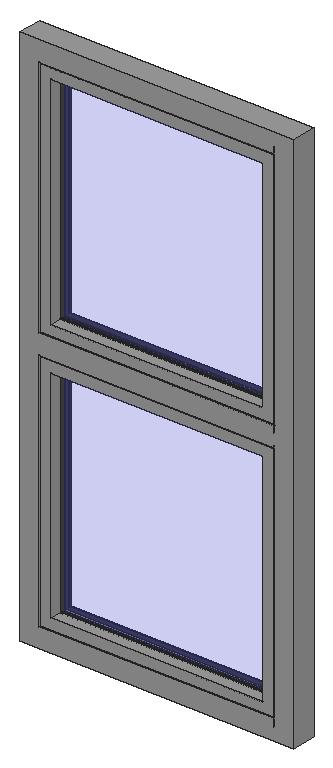
Revit family "SS_3250_LAP OP006_v02", category Windows, host Wall, Revit 2015
Parameters
  Wall Thickness [instance] = 0' - 6"
  URL = "obe.com"
  Transom Height = 3' - 0"
  Rough Width = Width + 0' 0 1/2"  # 3' - 0 1/2"
  Rough Height = Height + 0' 0 1/2"  # 6' - 0 1/2"
  Offset Limitation [instance] = if((Offset + 0' 3 1/4") > Wall Thickness, (Wall Thickness - 0' 3 1/4"), Offset)  # 0' - 2 3/4"
  Offset [instance] = 1' - 0"
  Model = "SS_3250_LAP OP006"
  Manufacturer = "Oldcastle BuildingEnvelope®"
  Keynote = "08 51 00"
  Height = Operable Height + Transom Height  # 6' - 0"
  Glass Material = Glass
  Gasket Material = Gasket
  Frame Material = Aluminum
  Operable Height = 3' - 0"
  Description = "SIGNITURE SERIES 3.25 LAP"
  Default Sill Height = 3' - 0"
  Wall Closure = By host
  Width = 3' - 0"
  Assembly Code = "B2020"
Reference planes (in)
  plane 1 "Center (Front/Back)": y = 0
  plane 2: z = 0
  plane 3 "Center (Left/Right)": x = 0
  plane 4 "Left": x = -18.25
  plane 5 "Right": x = 18.25
  plane 6 "Sill": z = 36
  plane 7 "Top": z = 108.5
  plane 8 "Offset": y = 0.25
  plane 9: x = 18
  plane 10: z = 108.25
  plane 11: x = -18
  plane 12: z = 36.25
  plane 13 "Center": z = 72.25
  plane 14: z = 70.00052
  plane 15: z = 39.49948
  plane 16: z = 74.49948
  plane 17: z = 105.00052
  plane 18 "EXT": y = -0.05731
Forms (in)
  Sweep 1, solid, material "Aluminum" <- "Frame Material"
    path origin (0, 0.25, 0) x (1, 0, 0) y (0, 0, 1)
      loop
        line (18.25, 36.25) -> (-18.25, 36.25)
    profile origin (0, 0.25, 36.25) x (0, 0, -1) y (0, -1, 0)
      loop
        line (0.25, 3.25) -> (-2.3125, 3.25) -> (-2.3125, 3.17) -> (-1.36814, 3.17) -> (-1.36814, 0) -> (0.25, 0) -> (0.25, 3.25)
  Sweep 2, solid, material "Aluminum" <- "Frame Material"
    path origin (0, 0.25, 0) x (1, 0, 0) y (0, 0, 1)
      loop
        line (18.25, 108.25) -> (-18.25, 108.25)
    profile origin (0, 0.25, 108.25) x (0, 0, -1) y (0, -1, 0)
      loop
        line (-0.25, 0) -> (1.36764, 0) -> (1.36764, 3.17056) -> (2.31385, 3.17056) -> (2.31385, 3.24905) -> (-0.25, 3.24905) -> (-0.25, 0)
  Sweep 3, solid, material "Aluminum" <- "Frame Material"
    path origin (0, 0.25, 0) x (1, 0, 0) y (0, 0, 1)
      loop
        line (18.25, 72.25) -> (-18.25, 72.25)
    profile origin (0, 0.25, 72.25) x (0, 0, -1) y (0, -1, 0)
      loop
        line (-1.31245, 3.24908) -> (-1.31245, 3.17006) -> (-0.37513, 3.17006) -> (-0.37513, 0) -> (0.3747, 0) -> (0.3747, 3.17072) -> (1.31138, 3.17072) -> (1.31138, 3.24908) -> (-1.31245, 3.24908)
  Sweep 4, solid, material "Aluminum" <- "Frame Material"
    path origin (0, 0.25, 0) x (1, 0, 0) y (0, 0, 1)
      loop
        line (18, 108.5) -> (18, 36)
    profile origin (18, 0.25, 72.25) x (0, -1, 0) y (1, 0, 0)
      loop
        line (0, -1.36814) -> (3.17, -1.36814) -> (3.17, -2.3125) -> (3.25, -2.3125) -> (3.25, 0.25) -> (0, 0.25) -> (0, -1.36814)
  Sweep 5, solid, material "Aluminum" <- "Frame Material"
    path origin (0, 0.25, 0) x (1, 0, 0) y (0, 0, 1)
      loop
        line (-18, 36) -> (-18, 108.5)
    profile origin (-18, 0.25, 72.25) x (-1, 0, 0) y (0, -1, 0)
      loop
        line (0.25, 3.25) -> (-2.3125, 3.25) -> (-2.3125, 3.17) -> (-1.36814, 3.17) -> (-1.36814, 0) -> (0.25, 0) -> (0.25, 3.25)
  Sweep 6, solid, material "Gasket" <- "Gasket Material", detail levels fine
    path origin (0, 0.25, 0) x (1, 0, 0) y (0, 0, 1)
      loop
        line (15.00052, 70.25052) -> (-15.00052, 70.25052) -> (-15.00052, 39.24948) -> (15.00052, 39.24948) -> (15.00052, 70.25052)
    profile origin (0, 0.25, 70.25052) x (0, 0, -1) y (0, -1, 0)
      loop
        line (1.02922, 0.30728) -> (0.53408, 0.30728) -> (0.53408, 0.18231) -> (0.88901, 0.18231) -> (0.88901, 0.03319) -> (0.92626, 0.04456) -> (1.02922, 0.30728)
      loop
        line (0.54293, 1.30731) -> (1.00001, 1.30731) -> (0.92004, 1.56753)
        arc (0.92004, 1.56753) -> (0.90168, 1.58602) -> (0.87604, 1.58137) r 0.028
        line (0.87604, 1.58137) -> (0.88715, 1.50731) -> (0.71381, 1.50731) -> (0.64294, 1.41979) -> (0.55251, 1.34656)
        arc (0.55251, 1.34656) -> (0.5411, 1.32855) -> (0.54293, 1.30731) r 0.03334
  Sweep 7, solid, material "Gasket" <- "Gasket Material", detail levels fine
    path origin (0, 0.25, 23) x (1, 0, 0) y (0, 0, 1)
      loop
        line (15.00052, 82.25052) -> (-15.00052, 82.25052) -> (-15.00052, 51.24948) -> (15.00052, 51.24948) -> (15.00052, 82.25052)
    profile origin (0, 0.25, 105.25052) x (0, 0, -1) y (0, -1, 0)
      loop
        line (1.02922, 0.30728) -> (0.53408, 0.30728) -> (0.53408, 0.18231) -> (0.88901, 0.18231) -> (0.88901, 0.03319) -> (0.92626, 0.04456) -> (1.02922, 0.30728)
      loop
        line (0.54293, 1.30731) -> (1.00001, 1.30731) -> (0.92004, 1.56753)
        arc (0.92004, 1.56753) -> (0.90168, 1.58602) -> (0.87604, 1.58137) r 0.028
        line (0.87604, 1.58137) -> (0.88715, 1.50731) -> (0.71381, 1.50731) -> (0.64294, 1.41979) -> (0.55251, 1.34656)
        arc (0.55251, 1.34656) -> (0.5411, 1.32855) -> (0.54293, 1.30731) r 0.03334
  Extrusion 8, solid, material "Glass" <- "Glass Material"
    sketch origin (0, 0, 36) x (0, -1, 0) y (1, 0, 0)
      loop
        line (0.05731, -14.75052) -> (1.05731, -14.75052) -> (1.05731, 14.75052) -> (0.05731, 14.75052) -> (0.05731, -14.75052)
    from 3.49948 to 34.00052
  Extrusion 9, solid, material "Glass" <- "Glass Material"
    sketch origin (0, 0, 56.5) x (0, -1, 0) y (1, 0, 0)
      loop
        line (0.05731, -14.75052) -> (1.05731, -14.75052) -> (1.05731, 14.75052) -> (0.05731, 14.75052) -> (0.05731, -14.75052)
    from 17.99948 to 48.50052
  Sweep 10, solid, material "Aluminum" <- "Frame Material"
    path origin (0, 0.25, 0) x (1, 0, 0) y (0, 0, 1)
      loop
        line (18, 37.38394) -> (18, 71.23228)
    profile origin (18, 0.25, 54.30811) x (-1, 0, 0) y (0, -1, 0)
      loop
        line (2.99948, -0.32169) -> (2.99948, 0.00831) -> (3.87448, 0.00831) -> (3.87448, 0.18231) -> (3.24948, 0.18231) -> (3.24948, 1.50731) -> (3.87448, 1.50731) -> (3.87448, 3.25) -> (2.49948, 3.25) -> (2.49948, 3.09) -> (2.01977, 3.09) -> (2.01977, 0) -> (1.13394, 0) -> (1.13394, -0.32169) -> (2.99948, -0.32169)
  Sweep 11, solid, material "Aluminum" <- "Frame Material"
    path origin (0, 0.25, 0) x (1, 0, 0) y (0, 0, 1)
      loop
        line (-18, 71.23228) -> (-18, 37.38394)
    profile origin (-18, 0.25, 54.30811) x (0, -1, 0) y (1, 0, 0)
      loop
        line (0.00831, 3.87448) -> (0.00831, 2.99948) -> (-0.32169, 2.99948) -> (-0.32169, 1.13394) -> (0, 1.13394) -> (0, 2.01977) -> (3.09, 2.01977) -> (3.09, 2.49948) -> (3.25, 2.49948) -> (3.25, 3.87448) -> (1.50731, 3.87448) -> (1.50731, 3.24948) -> (0.18231, 3.24948) -> (0.18231, 3.87448) -> (0.00831, 3.87448)
  Sweep 12, solid, material "Aluminum" <- "Frame Material"
    path origin (0, 0.25, 0) x (1, 0, 0) y (0, 0, 1)
      loop
        line (16.86606, 36.25) -> (-16.86606, 36.25)
    profile origin (0, 0.25, 36.25) x (0, 0, -1) y (0, -1, 0)
      loop
        line (-3.87448, 3.25) -> (-3.87448, 1.50731) -> (-3.24948, 1.50731) -> (-3.24948, 0.18231) -> (-3.87448, 0.18231) -> (-3.87448, 0.00831) -> (-2.99948, 0.00831) -> (-2.99948, -0.32169) -> (-1.13394, -0.32169) -> (-1.13394, 0) -> (-2.01977, 0) -> (-2.01977, 3.09) -> (-2.49948, 3.09) -> (-2.49948, 3.25) -> (-3.87448, 3.25)
  Sweep 13, solid, material "Aluminum" <- "Frame Material"
    path origin (0, 0.25, 0) x (1, 0, 0) y (0, 0, 1)
      loop
        line (16.86606, 72.25) -> (-16.86606, 72.25)
    profile origin (0, 0.25, 72.25) x (0, 0, -1) y (0, -1, 0)
      loop
        line (2.24948, 0.18231) -> (2.24948, 1.50731) -> (2.87448, 1.50731) -> (2.87448, 3.24908) -> (1.50194, 3.24908) -> (1.50194, 3.08991) -> (1.01772, 3.08991) -> (1.01772, 0) -> (0.13396, 0) -> (0.13396, -0.32166) -> (1.99948, -0.32166) -> (1.99948, 0.00834) -> (2.87448, 0.00834) -> (2.87448, 0.18231) -> (2.24948, 0.18231)
  Sweep 14, solid, material "Aluminum" <- "Frame Material"
    path origin (0, 0.25, 0) x (1, 0, 0) y (0, 0, 1)
      loop
        line (18, 107.11606) -> (18, 72.38396)
    profile origin (18, 0.25, 89.75001) x (0, -1, 0) y (1, 0, 0)
      loop
        line (3.25, -3.87448) -> (3.25, -2.49948) -> (3.09119, -2.49948) -> (3.09119, -2.01977) -> (0, -2.01977) -> (0, -1.13394) -> (-0.32169, -1.13394) -> (-0.32169, -2.99948) -> (0.00831, -2.99948) -> (0.00831, -3.87448) -> (0.18231, -3.87448) -> (0.18231, -3.24948) -> (1.50731, -3.24948) -> (1.50731, -3.87448) -> (3.25, -3.87448)
  Sweep 15, solid, material "Aluminum" <- "Frame Material"
    path origin (0, 0.25, 0) x (1, 0, 0) y (0, 0, 1)
      loop
        line (16.86606, 108.25) -> (-16.86606, 108.25)
    profile origin (0, 0.25, 108.25) x (0, 0, -1) y (0, -1, 0)
      loop
        line (1.13394, -0.32169) -> (2.99948, -0.32169) -> (2.99948, 0.00831) -> (3.87448, 0.00831) -> (3.87448, 0.18231) -> (3.24948, 0.18231) -> (3.24948, 1.50731) -> (3.87448, 1.50731) -> (3.87448, 3.24905) -> (2.49803, 3.24905) -> (2.49803, 3.09119) -> (2.01972, 3.09119) -> (2.01972, 0) -> (1.13394, 0) -> (1.13394, -0.32169)
  Sweep 16, solid, material "Aluminum" <- "Frame Material"
    path origin (0, 0.25, 0) x (1, 0, 0) y (0, 0, 1)
      loop
        line (16.86606, 72.25) -> (-16.86606, 72.25)
    profile origin (0, 0.25, 72.25) x (0, 0, -1) y (0, -1, 0)
      loop
        line (-2.87448, 1.50731) -> (-2.24948, 1.50731) -> (-2.24948, 0.18231) -> (-2.87448, 0.18231) -> (-2.87448, 0.00834) -> (-1.99948, 0.00834) -> (-1.99948, -0.32166) -> (-0.13396, -0.32166) -> (-0.13396, 0) -> (-1.0191, 0) -> (-1.0191, 3.09285) -> (-1.50122, 3.09285) -> (-1.50122, 3.24908) -> (-2.87448, 3.24908) -> (-2.87448, 1.50731)
  Sweep 17, void
    path origin (0, 0.25, 0) x (1, 0, 0) y (0, 0, 1)
      loop
        line (-15.50052, 108.25) -> (15.50052, 108.25)
    profile origin (0, 0.25, 108.25) x (0, 0, 1) y (0, -1, 0)
      loop
        line (-2.31212, 3.25) -> (-2.49803, 3.25) -> (-2.49803, 3.09119) -> (-2.31212, 3.09119) -> (-2.31212, 3.25)
  Sweep 18, void
    path origin (0, 0.25, 0) x (1, 0, 0) y (0, 0, 1)
      loop
        line (-15.68811, 72.25) -> (15.68825, 72.25)
    profile origin (0.00007, 0.25, 72.25) x (0, 0, 1) y (0, -1, 0)
      loop
        line (-1.50194, 3.25) -> (-1.50194, 3.08991) -> (-1.31348, 3.08991) -> (-1.31348, 3.25) -> (-1.50194, 3.25)
  Sweep 19, void
    path origin (0, 0.25, 0) x (1, 0, 0) y (0, 0, 1)
      loop
        line (-15.50052, 36.25) -> (15.50051, 36.25)
    profile origin (0, 0.25, 36.25) x (0, 0, 1) y (0, -1, 0)
      loop
        line (2.3125, 3.25) -> (2.3125, 3.09017) -> (2.49874, 3.09017) -> (2.49874, 3.25) -> (2.3125, 3.25)
  Sweep 20, void
    path origin (0, 0.25, 0) x (1, 0, 0) y (0, 0, 1)
      loop
        line (18.48047, 38.74874) -> (18.48047, 70.74806)
    profile origin (18.48047, 0.25, 54.7484) x (-1, 0, 0) y (0, -1, 0)
      loop
        line (2.79221, 3.25) -> (2.79221, 3.08894) -> (2.97995, 3.08894) -> (2.97995, 3.25) -> (2.79221, 3.25)
  Sweep 21, solid, material "Aluminum" <- "Frame Material"
    path origin (0, 0.25, 0) x (1, 0, 0) y (0, 0, 1)
      loop
        line (-18, 107.11606) -> (-18, 72.38396)
    profile origin (-18, 0.25, 89.75001) x (0, -1, 0) y (1, 0, 0)
      loop
        line (-0.32169, 1.13394) -> (0, 1.13394) -> (0, 1.8426) -> (3.09067, 1.8426) -> (3.09067, 2.49948) -> (3.25, 2.49948) -> (3.25, 3.87448) -> (1.50731, 3.87448) -> (1.50731, 3.24948) -> (0.18231, 3.24948) -> (0.18231, 3.87448) -> (0.00831, 3.87448) -> (0.00831, 2.99948) -> (-0.32169, 2.99948) -> (-0.32169, 1.13394)
  Sweep 22, void
    path origin (0, 0.25, 0) x (1, 0, 0) y (0, 0, 1)
      loop
        line (-18.48828, 38.5625) -> (-18.48828, 70.74806)
    profile origin (-18.48828, 0.25, 54.65528) x (-1, 0, 0) y (0, -1, 0)
      loop
        line (-2.80018, 3.25) -> (-2.98776, 3.25) -> (-2.98776, 3.09164) -> (-2.80018, 3.09164) -> (-2.80018, 3.25)
  Sweep 23, void
    path origin (0, 0.25, 0) x (1, 0, 0) y (0, 0, 1)
      loop
        line (-15.50052, 72.25) -> (15.50052, 72.25)
    profile origin (0, 0.25, 72.25) x (0, 0, 1) y (0, -1, 0)
      loop
        line (1.50122, 3.24908) -> (1.31363, 3.24908) -> (1.31363, 3.09285) -> (1.50122, 3.09285) -> (1.50122, 3.24908)
  Sweep 24, void
    path origin (0, 0.25, 0) x (1, 0, 0) y (0, 0, 1)
      loop
        line (18, 73.56363) -> (18, 105.93788)
    profile origin (18, 0.25, 89.75075) x (-1, 0, 0) y (0, -1, 0)
      loop
        line (2.49948, 3.25) -> (2.3125, 3.25) -> (2.3125, 3.09) -> (2.49948, 3.09) -> (2.49948, 3.25)
  Sweep 25, void
    path origin (0, 0.25, 0) x (1, 0, 0) y (0, 0, 1)
      loop
        line (-18.25, 105.75197) -> (-18.25, 104.37552)
    profile origin (-18.25, 0.25, 105.06375) x (0, -1, 0) y (1, 0, 0)
      loop
        line (3.25, 2.5625) -> (3.25, 2.74948) -> (3.09, 2.74948) -> (3.09, 2.5625) -> (3.25, 2.5625)
  Sweep 26, void
    path origin (0, 0.25, 0) x (1, 0, 0) y (0, 0, 1)
      loop
        line (18.25, 73.75122) -> (18.25, 75.12448)
    profile origin (18.25, 0.25, 74.43785) x (-1, 0, 0) y (0, -1, 0)
      loop
        line (2.56175, 3.25) -> (2.56175, 3.09) -> (2.74948, 3.09) -> (2.74948, 3.25) -> (2.56175, 3.25)
  Sweep 27, void
    path origin (0, 0.25, 0) x (1, 0, 0) y (0, 0, 1)
      loop
        line (-18.25, 75.12448) -> (-18.25, 73.75122)
    profile origin (-18.25, 0.25, 74.43785) x (0, -1, 0) y (1, 0, 0)
      loop
        line (3.25, 2.5625) -> (3.25, 2.74948) -> (3.09, 2.74948) -> (3.09, 2.5625) -> (3.25, 2.5625)
Cuts and joins
  Sweep 23, Sweep 25, Sweep 26, Sweep 27 cuts Sweep 1
  Sweep 23, Sweep 25, Sweep 26, Sweep 27 cuts Sweep 2
  Sweep 23, Sweep 25, Sweep 26, Sweep 27 cuts Sweep 3
  Sweep 23, Sweep 25, Sweep 26, Sweep 27 cuts Sweep 4
  Sweep 23, Sweep 25, Sweep 26, Sweep 27 cuts Sweep 5
  Sweep 18, Sweep 19, Sweep 20, Sweep 23, Sweep 25, Sweep 26, Sweep 27 cuts Sweep 10
  Sweep 18, Sweep 19, Sweep 23, Sweep 25, Sweep 26, Sweep 27 cuts Sweep 11
  Sweep 20, Sweep 22, Sweep 23, Sweep 25, Sweep 26, Sweep 27 cuts Sweep 12
  Sweep 18, Sweep 20, Sweep 22, Sweep 23, Sweep 25, Sweep 26, Sweep 27 cuts Sweep 13
  Sweep 17, Sweep 23, Sweep 25, Sweep 26, Sweep 27 cuts Sweep 14
  Sweep 24, Sweep 25, Sweep 26, Sweep 27 cuts Sweep 15
  Sweep 25, Sweep 26, Sweep 27 cuts Sweep 16
  Sweep 17, Sweep 23, Sweep 25, Sweep 26, Sweep 27 cuts Sweep 21
  joined: Sweep 1, Sweep 2, Sweep 3, Sweep 4, Sweep 5, Sweep 10, Sweep 11, Sweep 12, Sweep 13, Sweep 14, Sweep 15, Sweep 16, Sweep 21
Lines and regions (in)
  Opening 1
    outline origin (-60, -3, 0) x (1, 0, 0) y (0, 0, 1)
      loop
        line (41.75, 108.5) -> (41.75, 36) -> (78.25, 36) -> (78.25, 108.5) -> (41.75, 108.5)
  model lines, style "WindowsHiddenLines"
    curve 1: line (14.12552, -0.05731, 40.12448) -> (0, -0.05731, 69.37552)
    curve 2: line (-14.12552, -0.05731, 40.12448) -> (0, -0.05731, 69.37552)
    curve 3: line (-14.12552, -0.05731, 75.12448) -> (0, -0.05731, 104.37552)
    curve 4: line (14.12552, -0.05731, 75.12448) -> (0, -0.05731, 104.37552)
Text (in)
  text "EXTERIOR" at (-58.6888, 50.90694, 0), in view "Ref. Level"
  text "INTERIOR" at (-58.6888, -37.76638, 0), in view "Ref. Level"
  text "Exterior" at (0, 43.65631, 123.19604), in view "Left"
  text "Exterior" at (0, 18.29385, 125.04747), in view "Right"
  text "Min Operable Size\n\n14\" width x 18\" height\n\n\n\nMax Operable Size\n\n72\" x 72\"\n\n\n\nMax Operable Area\n\n24 square feet" at (93.06462, 65.83106, 0), in view "Ref. Level"
Dimensions and locks (in)
  equal spacing: plane 4 "Left", plane 3 "Center (Left/Right)", plane 5 "Right"
  "Rough Width": plane 4 "Left" to plane 5 "Right"
  "Default Sill Height": plane 2 to plane 6 "Sill"
  "Offset Limitation": plane 8 "Offset" to host wall
  "Wall Thickness": host wall to host wall
  locked: plane 9 to plane 5 "Right" at 0.25
  locked: plane 6 "Sill" to plane 12 at 0.25
  "Operable Height": plane 12 to plane 13 "Center"
  "Transom Height": plane 13 "Center" to plane 10
  "Rough Height": plane 6 "Sill" to plane 7 "Top"
  "Width": plane 11 to plane 9
  Extrusion 8 sketch curve to Extrusion 8 sketch curve to plane 8 "Offset" = 0' - 1" locked, 0' - 0.30731" locked
  locked: plane 12 to plane 15 at 3.24948
  locked: plane 13 "Center" to plane 14 at 2.24948
  locked: plane 17 to plane 10 at 3.24948
  locked: plane 16 to plane 13 "Center" at 2.24948
  locked: plane 11 to Sweep 12 sketch curve at 1.13394
  locked: Sweep 12 sketch curve to plane 9 at 1.13394
  locked: plane 11 to Sweep 13 sketch curve at 1.13394
  locked: Sweep 13 sketch curve to plane 9 at 1.13394
  locked: plane 12 to Sweep 11 sketch curve at 1.13394
  locked: Sweep 11 sketch curve to plane 13 "Center" at 1.01772
  locked: Sweep 15 sketch curve to plane 9 at 1.13394
  locked: plane 11 to Sweep 15 sketch curve at 1.13394
  locked: Sweep 16 sketch curve to plane 9 at 1.13394
  plane 11 to Sweep 16 sketch curve = 0' - 1.13394"
  locked: Sweep 14 sketch curve to plane 10 at 1.13394
  locked: plane 13 "Center" to Sweep 14 sketch curve at 0.13396
  locked: Sweep 10 sketch curve to plane 13 "Center" at 1.01772
  locked: plane 12 to Sweep 10 sketch curve at 1.13394
  locked: plane 18 "EXT" to plane 8 "Offset" at 0.30731
  locked: plane 13 "Center" to Sweep 21 sketch curve at 0.13396
  locked: Sweep 21 sketch curve to plane 10 at 1.13394
  locked: plane 11 to Sweep 18 sketch curve at 2.31189
  locked: Sweep 18 sketch curve to plane 9 at 2.31175
  locked: Sweep 20 sketch curve to plane 12 at 2.49874
  locked: plane 11 to Sweep 19 sketch curve at 2.49948
  locked: Sweep 19 sketch curve to plane 9 at 2.49949
  locked: Sweep 17 sketch curve to plane 9 at 2.49948
  locked: plane 11 to Sweep 17 sketch curve at 2.49948
  Sweep 25 sketch curve to Sweep 25 sketch curve to plane 7 "Top" = 0' - 1.37646" locked, 0' - 2.74803" locked
  Sweep 26 sketch curve to Sweep 26 sketch curve to plane 13 "Center" = 0' - 1.37327" locked, 0' - 1.50122" locked
  Sweep 27 sketch curve to Sweep 27 sketch curve to plane 13 "Center" = 0' - 1.37327" locked, 0' - 1.50122" locked
  Extrusion 9 sketch curve to Extrusion 9 sketch curve to plane 8 "Offset" = 0' - 1" locked, 0' - 0.30731" locked
  aligned and locked: plane 7 "Top" to Opening 1 sketch curve
  aligned and locked: plane 6 "Sill" to Opening 1 sketch curve  (x2)
  aligned and locked: plane 5 "Right" to Opening 1 sketch curve
  aligned and locked: plane 4 "Left" to Opening 1 sketch curve
  aligned and locked: level to plane 2
  aligned and locked: plane 4 "Left" to Sweep 1 sketch curve
  aligned and locked: plane 5 "Right" to Sweep 1 sketch curve
  aligned and locked: plane 4 "Left" to Sweep 2 sketch curve
  aligned and locked: plane 5 "Right" to Sweep 2 sketch curve
  aligned and locked: plane 4 "Left" to Sweep 3 sketch curve
  aligned and locked: plane 5 "Right" to Sweep 3 sketch curve
  aligned and locked: plane 7 "Top" to Sweep 4 sketch curve
  aligned and locked: plane 6 "Sill" to Sweep 4 sketch curve
  aligned and locked: plane 7 "Top" to Sweep 5 sketch curve
  aligned and locked: plane 6 "Sill" to Sweep 5 sketch curve
  aligned and locked: Extrusion 8 to plane 15
  aligned and locked: plane 14 to Extrusion 8
  aligned and locked: plane 17 to Extrusion 9
  aligned and locked: Extrusion 9 to plane 16
  aligned and locked: plane 11 to Sweep 5 sketch curve
  aligned and locked: plane 12 to Sweep 12 sketch curve
  aligned and locked: plane 13 "Center" to Sweep 13 sketch curve
  aligned and locked: Sweep 14 sketch curve to plane 9
  aligned and locked: plane 10 to Sweep 15 sketch curve
  aligned and locked: plane 13 "Center" to Sweep 16 sketch curve
  aligned and locked: plane 3 "Center (Left/Right)" to curve 1
  aligned and locked: plane 3 "Center (Left/Right)" to curve 4
  aligned and locked: Sweep 21 sketch curve to plane 11
  aligned and locked: plane 4 "Left" to Sweep 25 sketch curve
  aligned and locked: Sweep 26 sketch curve to plane 5 "Right"
  aligned and locked: plane 4 "Left" to Sweep 27 sketch curve
Automatic sketch dimensions
  Sweep 1 sketch curve to plane 8 "Offset" = 0' - 0"
  profile plane to Sweep 1 sketch curve = 0' - 2 5/16"
  profile plane to Sweep 1 sketch curve = 0' - 1.36814"
  Sweep 1 sketch curve to profile plane = 0' - 0 1/4"
  Sweep 1 sketch curve to Sweep 1 sketch curve = 0' - 3.17"
  Sweep 1 sketch curve to Sweep 1 sketch curve = 0' - 0.08"
  Sweep 2 sketch curve to plane 10 = 0' - 0"
  Sweep 2 sketch curve to plane 8 "Offset" = 0' - 0"
  profile plane to Sweep 2 sketch curve = 0' - 0 1/4"
  Sweep 2 sketch curve to profile plane = 0' - 1.36764"
  Sweep 2 sketch curve to Sweep 2 sketch curve = 0' - 0.94621"
  Sweep 2 sketch curve to Sweep 2 sketch curve = 0' - 3.17056"
  Sweep 2 sketch curve to Sweep 2 sketch curve = 0' - 0.07849"
  Sweep 3 sketch curve to plane 13 "Center" = 0' - 0"
  Sweep 3 sketch curve to plane 8 "Offset" = 0' - 0"
  profile plane to Sweep 3 sketch curve = 0' - 1.31245"
  profile plane to Sweep 3 sketch curve = 0' - 0.37513"
  Sweep 3 sketch curve to profile plane = 0' - 0.3747"
  Sweep 3 sketch curve to Sweep 3 sketch curve = 0' - 0.93668"
  plane 8 "Offset" to Sweep 3 sketch curve = 0' - 3.17006"
  Sweep 3 sketch curve to Sweep 3 sketch curve = 0' - 0.00066"
  Sweep 3 sketch curve to Sweep 3 sketch curve = 0' - 0.07901"
  plane 9 to Sweep 4 sketch curve = 0' - 0"
  plane 8 "Offset" to Sweep 4 sketch curve = 0' - 0"
  profile plane to Sweep 4 sketch curve = 0' - 1.36814"
  plane 8 "Offset" to Sweep 4 sketch curve = 0' - 3.17"
  Sweep 4 sketch curve to profile plane = 0' - 0 1/4"
  Sweep 4 sketch curve to Sweep 4 sketch curve = 0' - 0.08"
  Sweep 4 sketch curve to Sweep 4 sketch curve = 0' - 0.94436"
  plane 8 "Offset" to Sweep 5 sketch curve = 0' - 0"
  profile plane to Sweep 5 sketch curve = 0' - 2 5/16"
  Sweep 5 sketch curve to Sweep 5 sketch curve = 0' - 0.94436"
  Sweep 5 sketch curve to profile plane = 0' - 0 1/4"
  plane 8 "Offset" to Sweep 5 sketch curve = 0' - 3.17"
  Sweep 5 sketch curve to Sweep 5 sketch curve = 0' - 0.08"
  plane 14 to Sweep 6 sketch curve = 0' - 0 1/4"
  Sweep 6 sketch curve to plane 11 = 0' - 2.99948"
  Sweep 6 sketch curve to plane 15 = 0' - 0 1/4"
  plane 9 to Sweep 6 sketch curve = 0' - 2.99948"
  Sweep 6 sketch curve to profile plane = 0' - 0.53408"
  Sweep 6 sketch curve to profile plane = 0' - 0.54293"
  Sweep 6 sketch curve to Sweep 6 sketch curve = 0' - 0.00957"
  Sweep 6 sketch curve to Sweep 6 sketch curve = 0' - 0.02098"
  Sweep 6 sketch curve to Sweep 6 sketch curve = 0' - 0.09043"
  Sweep 6 sketch curve to Sweep 6 sketch curve = 0' - 0.07087"
  Sweep 6 sketch curve to Sweep 6 sketch curve = 0' - 0.16223"
  Sweep 6 sketch curve to Sweep 6 sketch curve = 0' - 0.01111"
  Sweep 6 sketch curve to Sweep 6 sketch curve = 0' - 0.35493"
  Sweep 6 sketch curve to Sweep 6 sketch curve = 0' - 0.01724"
  Sweep 6 sketch curve to Sweep 6 sketch curve = 0' - 0.02676"
  plane 8 "Offset" to Sweep 6 sketch curve = 0' - 0.04456"
  Sweep 6 sketch curve to Sweep 6 sketch curve = 0' - 0.03725"
  Sweep 6 sketch curve to Sweep 6 sketch curve = 0' - 0.11286"
  plane 8 "Offset" to Sweep 6 sketch curve = 0' - 0.30728"
  Sweep 6 sketch curve to Sweep 6 sketch curve = 0' - 0.14021"
  plane 8 "Offset" to Sweep 6 sketch curve = 0' - 0.03319"
  Sweep 6 sketch curve to Sweep 6 sketch curve = 0' - 0.12497"
  Sweep 6 sketch curve to Sweep 6 sketch curve = 0' - 1.00003"
  Sweep 6 sketch curve to Sweep 6 sketch curve = 0' - 0.01334"
  Sweep 6 sketch curve to Sweep 6 sketch curve = 0' - 0.07323"
  Sweep 6 sketch curve to Sweep 6 sketch curve = 0' - 0.08751"
  Sweep 6 sketch curve to Sweep 6 sketch curve = 0' - 0.052"
  Sweep 6 sketch curve to Sweep 6 sketch curve = 0' - 0.00823"
  plane 17 to Sweep 7 sketch curve = 0' - 0 1/4"
  Sweep 7 sketch curve to plane 11 = 0' - 2.99948"
  Sweep 7 sketch curve to plane 16 = 0' - 0 1/4"
  plane 9 to Sweep 7 sketch curve = 0' - 2.99948"
  Sweep 7 sketch curve to profile plane = 0' - 0.53408"
  Sweep 7 sketch curve to profile plane = 0' - 0.54293"
  Sweep 7 sketch curve to Sweep 7 sketch curve = 0' - 0.00957"
  Sweep 7 sketch curve to Sweep 7 sketch curve = 0' - 0.02098"
  Sweep 7 sketch curve to Sweep 7 sketch curve = 0' - 0.09043"
  Sweep 7 sketch curve to Sweep 7 sketch curve = 0' - 0.07087"
  Sweep 7 sketch curve to Sweep 7 sketch curve = 0' - 0.16223"
  Sweep 7 sketch curve to Sweep 7 sketch curve = 0' - 0.01111"
  Sweep 7 sketch curve to Sweep 7 sketch curve = 0' - 0.35493"
  Sweep 7 sketch curve to Sweep 7 sketch curve = 0' - 0.01724"
  Sweep 7 sketch curve to Sweep 7 sketch curve = 0' - 0.02676"
  plane 8 "Offset" to Sweep 7 sketch curve = 0' - 0.04456"
  Sweep 7 sketch curve to Sweep 7 sketch curve = 0' - 0.03725"
  Sweep 7 sketch curve to Sweep 7 sketch curve = 0' - 0.11286"
  plane 8 "Offset" to Sweep 7 sketch curve = 0' - 0.30728"
  Sweep 7 sketch curve to Sweep 7 sketch curve = 0' - 0.14021"
  plane 8 "Offset" to Sweep 7 sketch curve = 0' - 0.03319"
  Sweep 7 sketch curve to Sweep 7 sketch curve = 0' - 0.12497"
  Sweep 7 sketch curve to Sweep 7 sketch curve = 0' - 1.00003"
  Sweep 7 sketch curve to Sweep 7 sketch curve = 0' - 0.01334"
  Sweep 7 sketch curve to Sweep 7 sketch curve = 0' - 0.07323"
  Sweep 7 sketch curve to Sweep 7 sketch curve = 0' - 0.08751"
  Sweep 7 sketch curve to Sweep 7 sketch curve = 0' - 0.052"
  Sweep 7 sketch curve to Sweep 7 sketch curve = 0' - 0.00823"
  Extrusion 9 sketch curve to plane 11 = 0' - 3.24948"
  plane 9 to Extrusion 9 sketch curve = 0' - 3.24948"
  plane 9 to Sweep 10 sketch curve = 0' - 0"
  plane 8 "Offset" to Sweep 10 sketch curve = 0' - 0"
  Sweep 10 sketch curve to plane 8 "Offset" = 0' - 0.32169"
  Sweep 10 sketch curve to profile plane = 0' - 1.13394"
  Sweep 10 sketch curve to profile plane = 0' - 2.01977"
  Sweep 10 sketch curve to Sweep 10 sketch curve = 0' - 0.47971"
  plane 8 "Offset" to Sweep 10 sketch curve = 0' - 0.00831"
  Sweep 10 sketch curve to Sweep 10 sketch curve = 0' - 0.97971"
  Sweep 10 sketch curve to Sweep 10 sketch curve = 0' - 0 1/4"
  Sweep 10 sketch curve to Sweep 10 sketch curve = 0' - 1 3/8"
  plane 8 "Offset" to Sweep 10 sketch curve = 0' - 0.18231"
  Sweep 10 sketch curve to Sweep 10 sketch curve = 0' - 0 5/8"
  Sweep 10 sketch curve to Sweep 10 sketch curve = 0' - 1.325"
  Sweep 10 sketch curve to Sweep 10 sketch curve = 0' - 1.58269"
  Sweep 10 sketch curve to Sweep 10 sketch curve = 0' - 0.16"
  plane 11 to Sweep 11 sketch curve = 0' - 0"
  plane 8 "Offset" to Sweep 11 sketch curve = 0' - 0"
  Sweep 11 sketch curve to plane 8 "Offset" = 0' - 0.32169"
  plane 8 "Offset" to Sweep 11 sketch curve = 0' - 0.00831"
  plane 8 "Offset" to Sweep 11 sketch curve = 0' - 0.18231"
  Sweep 11 sketch curve to Sweep 11 sketch curve = 0' - 1.325"
  Sweep 11 sketch curve to Sweep 11 sketch curve = 0' - 1.58269"
  Sweep 11 sketch curve to Sweep 11 sketch curve = 0' - 0.16"
  Sweep 11 sketch curve to profile plane = 0' - 1.13394"
  Sweep 11 sketch curve to Sweep 11 sketch curve = 0' - 0.88583"
  Sweep 11 sketch curve to Sweep 11 sketch curve = 0' - 0.47971"
  Sweep 11 sketch curve to Sweep 11 sketch curve = 0' - 0.97971"
  Sweep 11 sketch curve to Sweep 11 sketch curve = 0' - 0 1/4"
  Sweep 11 sketch curve to Sweep 11 sketch curve = 0' - 0 5/8"  (x2)
  Sweep 12 sketch curve to plane 8 "Offset" = 0' - 0"
  profile plane to Sweep 12 sketch curve = 0' - 3.87448"
  plane 8 "Offset" to Sweep 12 sketch curve = 0' - 0.00831"
  Sweep 12 sketch curve to Sweep 12 sketch curve = 0' - 0"
  Sweep 12 sketch curve to Sweep 12 sketch curve = 0' - 0 5/8"
  Sweep 12 sketch curve to Sweep 12 sketch curve = 0' - 0 1/4"
  Sweep 12 sketch curve to Sweep 12 sketch curve = 0' - 1 3/8"
  Sweep 12 sketch curve to Sweep 12 sketch curve = 0' - 0.47971"
  Sweep 12 sketch curve to plane 8 "Offset" = 0' - 0.32169"
  Sweep 12 sketch curve to Sweep 12 sketch curve = 0' - 0.88583"
  plane 8 "Offset" to Sweep 12 sketch curve = 0' - 0.18231"
  Sweep 12 sketch curve to Sweep 12 sketch curve = 0' - 1.325"
  Sweep 12 sketch curve to Sweep 12 sketch curve = 0' - 1.58269"
  Sweep 12 sketch curve to Sweep 12 sketch curve = 0' - 0.16"
  Sweep 13 sketch curve to plane 8 "Offset" = 0' - 0"
  Sweep 13 sketch curve to profile plane = 0' - 0.13396"
  Sweep 13 sketch curve to Sweep 13 sketch curve = 0' - 0.88376"
  Sweep 13 sketch curve to Sweep 13 sketch curve = 0' - 0.48422"
  plane 8 "Offset" to Sweep 13 sketch curve = 0' - 0.00834"
  Sweep 13 sketch curve to Sweep 13 sketch curve = 0' - 0.98177"
  Sweep 13 sketch curve to Sweep 13 sketch curve = 0' - 0 1/4"
  Sweep 13 sketch curve to Sweep 13 sketch curve = 0' - 1.37254"
  Sweep 13 sketch curve to Sweep 13 sketch curve = 0' - 0 5/8"
  Sweep 13 sketch curve to plane 8 "Offset" = 0' - 0.32166"
  plane 8 "Offset" to Sweep 13 sketch curve = 0' - 0.18231"
  Sweep 13 sketch curve to Sweep 13 sketch curve = 0' - 1.325"
  Sweep 13 sketch curve to Sweep 13 sketch curve = 0' - 1.5826"
  Sweep 13 sketch curve to Sweep 13 sketch curve = 0' - 0.15917"
  plane 8 "Offset" to Sweep 14 sketch curve = 0' - 0"
  Sweep 14 sketch curve to plane 8 "Offset" = 0' - 0.32169"
  plane 8 "Offset" to Sweep 14 sketch curve = 0' - 0.00831"
  plane 8 "Offset" to Sweep 14 sketch curve = 0' - 0.18231"
  Sweep 14 sketch curve to Sweep 14 sketch curve = 0' - 1.325"
  Sweep 14 sketch curve to Sweep 14 sketch curve = 0' - 1.58389"
  Sweep 14 sketch curve to Sweep 14 sketch curve = 0' - 0.15881"
  profile plane to Sweep 14 sketch curve = 0' - 3.87448"
  Sweep 14 sketch curve to Sweep 14 sketch curve = 0' - 0"
  Sweep 14 sketch curve to Sweep 14 sketch curve = 0' - 0 5/8"
  Sweep 14 sketch curve to Sweep 14 sketch curve = 0' - 0 1/4"
  Sweep 14 sketch curve to Sweep 14 sketch curve = 0' - 1 3/8"
  Sweep 14 sketch curve to Sweep 14 sketch curve = 0' - 0.97971"
  Sweep 14 sketch curve to Sweep 14 sketch curve = 0' - 0.88583"
  Sweep 15 sketch curve to plane 8 "Offset" = 0' - 0"
  Sweep 15 sketch curve to plane 8 "Offset" = 0' - 0.32169"
  Sweep 15 sketch curve to profile plane = 0' - 1.13394"
  Sweep 15 sketch curve to profile plane = 0' - 2.01972"
  Sweep 15 sketch curve to Sweep 15 sketch curve = 0' - 0.4783"
  plane 8 "Offset" to Sweep 15 sketch curve = 0' - 0.00831"
  Sweep 15 sketch curve to Sweep 15 sketch curve = 0' - 0.97976"
  Sweep 15 sketch curve to Sweep 15 sketch curve = 0' - 0 1/4"
  plane 8 "Offset" to Sweep 15 sketch curve = 0' - 0.18231"
  Sweep 15 sketch curve to Sweep 15 sketch curve = 0' - 0 5/8"
  Sweep 15 sketch curve to Sweep 15 sketch curve = 0' - 1.37646"
  Sweep 15 sketch curve to Sweep 15 sketch curve = 0' - 1.325"
  Sweep 15 sketch curve to Sweep 15 sketch curve = 0' - 1.58389"
  Sweep 15 sketch curve to Sweep 15 sketch curve = 0' - 0.15786"
  Sweep 16 sketch curve to plane 8 "Offset" = 0' - 0"
  profile plane to Sweep 16 sketch curve = 0' - 2.87448"
  plane 8 "Offset" to Sweep 16 sketch curve = 0' - 0.00834"
  Sweep 16 sketch curve to Sweep 16 sketch curve = 0' - 0"
  plane 8 "Offset" to Sweep 16 sketch curve = 0' - 0.18231"
  Sweep 16 sketch curve to Sweep 16 sketch curve = 0' - 0 5/8"
  Sweep 16 sketch curve to Sweep 16 sketch curve = 0' - 0 1/4"
  Sweep 16 sketch curve to Sweep 16 sketch curve = 0' - 1.37327"
  Sweep 16 sketch curve to Sweep 16 sketch curve = 0' - 0.98038"
  profile plane to Sweep 16 sketch curve = 0' - 0.13396"
  Sweep 16 sketch curve to plane 8 "Offset" = 0' - 0.32166"
  Sweep 16 sketch curve to Sweep 16 sketch curve = 0' - 1.325"
  Sweep 16 sketch curve to Sweep 16 sketch curve = 0' - 1.58555"
  Sweep 16 sketch curve to Sweep 16 sketch curve = 0' - 0.15622"
  curve 2 to plane 14 = 0' - 0 5/8"
  curve 4 to plane 17 = 0' - 0 5/8"
  plane 16 to curve 3 = 0' - 0 5/8"
  curve 3 to plane 11 = 0' - 3.87448"
  plane 15 to curve 2 = 0' - 0 5/8"
  curve 2 to plane 11 = 0' - 3.87448"
  plane 16 to curve 4 = 0' - 0 5/8"
  plane 9 to curve 4 = 0' - 3.87448"
  plane 15 to curve 1 = 0' - 0 5/8"
  plane 9 to curve 1 = 0' - 3.87448"
  Sweep 17 sketch curve to plane 10 = 0' - 0"
  profile plane to Sweep 17 sketch curve = 0' - 2.49803"
  Sweep 17 sketch curve to Sweep 17 sketch curve = 0' - 0.18591"
  plane 8 "Offset" to Sweep 17 sketch curve = 0' - 3.09119"
  Sweep 17 sketch curve to Sweep 17 sketch curve = 0' - 0.15881"
  Sweep 18 sketch curve to plane 13 "Center" = 0' - 0"
  profile plane to Sweep 18 sketch curve = 0' - 1.50194"
  Sweep 18 sketch curve to Sweep 18 sketch curve = 0' - 0.18846"
  plane 8 "Offset" to Sweep 18 sketch curve = 0' - 3.08991"
  Sweep 18 sketch curve to Sweep 18 sketch curve = 0' - 0.16009"
  Sweep 19 sketch curve to plane 12 = 0' - 0"
  Sweep 19 sketch curve to profile plane = 0' - 2 5/16"
  Sweep 19 sketch curve to Sweep 19 sketch curve = 0' - 0.18624"
  plane 8 "Offset" to Sweep 19 sketch curve = 0' - 3.09017"
  Sweep 19 sketch curve to Sweep 19 sketch curve = 0' - 0.15983"
  Sweep 20 sketch curve to plane 5 "Right" = 0' - 0 59/256"
  plane 14 to Sweep 20 sketch curve = 0' - 0.74754"
  Sweep 20 sketch curve to profile plane = 0' - 2.79221"
  Sweep 20 sketch curve to Sweep 20 sketch curve = 0' - 0.18774"
  plane 8 "Offset" to Sweep 20 sketch curve = 0' - 3.08894"
  Sweep 20 sketch curve to Sweep 20 sketch curve = 0' - 0.16106"
  plane 8 "Offset" to Sweep 21 sketch curve = 0' - 0"
  Sweep 21 sketch curve to plane 8 "Offset" = 0' - 0.32169"
  plane 8 "Offset" to Sweep 21 sketch curve = 0' - 0.00831"
  plane 8 "Offset" to Sweep 21 sketch curve = 0' - 0.18231"
  Sweep 21 sketch curve to Sweep 21 sketch curve = 0' - 1.325"
  Sweep 21 sketch curve to Sweep 21 sketch curve = 0' - 1.58336"
  Sweep 21 sketch curve to Sweep 21 sketch curve = 0' - 0.15933"
  Sweep 21 sketch curve to profile plane = 0' - 1.13394"
  Sweep 21 sketch curve to profile plane = 0' - 1.8426"
  Sweep 21 sketch curve to Sweep 21 sketch curve = 0' - 0.65688"
  Sweep 21 sketch curve to Sweep 21 sketch curve = 0' - 1.15688"
  Sweep 21 sketch curve to Sweep 21 sketch curve = 0' - 0 1/4"
  Sweep 21 sketch curve to Sweep 21 sketch curve = 0' - 0 5/8"
  Sweep 21 sketch curve to Sweep 21 sketch curve = 0' - 1 3/8"
  plane 4 "Left" to Sweep 22 sketch curve = 0' - 0 61/256"
  Sweep 22 sketch curve to plane 15 = 0' - 0.93698"
  plane 14 to Sweep 22 sketch curve = 0' - 0.74754"
  profile plane to Sweep 22 sketch curve = 0' - 2.98776"
  Sweep 22 sketch curve to Sweep 22 sketch curve = 0' - 0.18759"
  plane 8 "Offset" to Sweep 22 sketch curve = 0' - 3.09164"
  Sweep 22 sketch curve to Sweep 22 sketch curve = 0' - 0.15836"
  Sweep 23 sketch curve to plane 13 "Center" = 0' - 0"
  Sweep 23 sketch curve to plane 11 = 0' - 2.49948"
  plane 9 to Sweep 23 sketch curve = 0' - 2.49948"
  Sweep 23 sketch curve to profile plane = 0' - 1.31363"
  Sweep 23 sketch curve to Sweep 23 sketch curve = 0' - 0.18759"
  plane 8 "Offset" to Sweep 23 sketch curve = 0' - 3.09285"
  Sweep 23 sketch curve to Sweep 23 sketch curve = 0' - 0.15622"
  plane 5 "Right" to Sweep 24 sketch curve = 0' - 0 1/4"
  Sweep 24 sketch curve to plane 16 = 0' - 0.93586"
  plane 17 to Sweep 24 sketch curve = 0' - 0.93737"
  Sweep 24 sketch curve to profile plane = 0' - 2 5/16"
  Sweep 24 sketch curve to Sweep 24 sketch curve = 0' - 0.18698"
  plane 8 "Offset" to Sweep 24 sketch curve = 0' - 3.09"
  Sweep 24 sketch curve to Sweep 24 sketch curve = 0' - 0.16"
  plane 8 "Offset" to Sweep 25 sketch curve = 0' - 3.09"
  Sweep 25 sketch curve to Sweep 25 sketch curve = 0' - 0.16"
  Sweep 25 sketch curve to profile plane = 0' - 2 9/16"
  Sweep 25 sketch curve to Sweep 25 sketch curve = 0' - 0.18698"
  Sweep 26 sketch curve to profile plane = 0' - 2.56175"
  Sweep 26 sketch curve to Sweep 26 sketch curve = 0' - 0.18774"
  plane 8 "Offset" to Sweep 26 sketch curve = 0' - 3.09"
  Sweep 26 sketch curve to Sweep 26 sketch curve = 0' - 0.16"
  plane 8 "Offset" to Sweep 27 sketch curve = 0' - 3.09"
  Sweep 27 sketch curve to Sweep 27 sketch curve = 0' - 0.16"
  Sweep 27 sketch curve to profile plane = 0' - 2 9/16"
  Sweep 27 sketch curve to Sweep 27 sketch curve = 0' - 0.18698"
  Extrusion 8 sketch curve to plane 11 = 0' - 3.24948"
  plane 9 to Extrusion 8 sketch curve = 0' - 3.24948"
  Sweep 1 sketch curve to plane 12 = 0' - 0"
